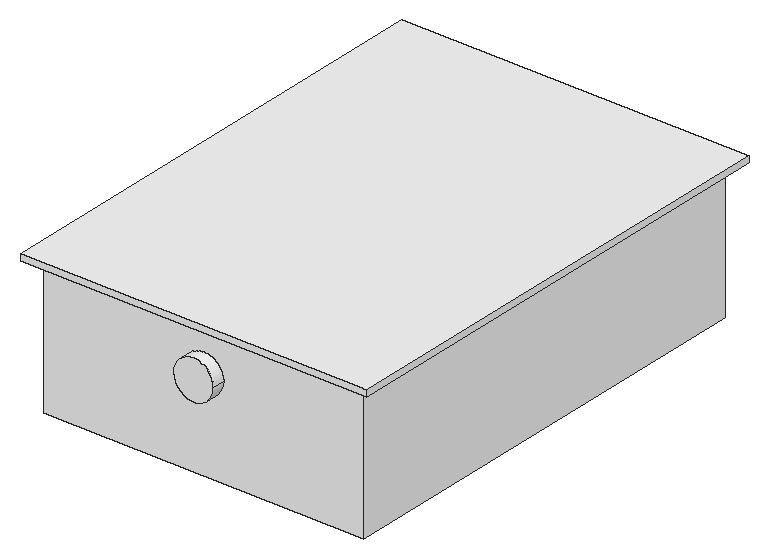
Revit family "Plumbing Fixture-Grease_Interseptor_Mifab_MI-G-L-SDH", category Plumbing Fixtures, host Face, Revit 2013
Parameters (values of type "MI-G-L-SDH-20")
  Water Capacity = "20.13 Gallons"
  WFU = 0
  URL = "www.mifab.com"
  Standard Inlet And Outlet Radii = F / 2  # 1.500"
  Model = "MI-G-L-SDH"
  Manufacturer = "MIFAB"
  Grease Capacity = "40 lbs"
  Flow Rate = "20 GPM"
  Floor Drain Material = Paint - Sherwin Williams Paint - #952C2A - Bellwood Red
  F = 3.000"
  E = 11.000"
  Description = "Semi-Automatic Grease Interceptors with Draw Off Hose"
  Default Elevation = 0.000"
  D = 7.000"
  C = 4.000"
  B = 26.500"
  Assembly Code = "D2090300"
  A = 36.500"
Types (4): name | Water Capacity | URL | Model | Grease Capacity | Flow Rate | B | A
  (no name) | "20.13 Gallons" | "www.mifab.com" | "MI-G-L-SDH" | "40 lbs" | "20 GPM" | 26.500" | 36.500"
  MI-G-L-SDH-20 | "20.13 Gallons" | "www.mifab.com" | "MI-G-L-SDH" | "40 lbs" | "20 GPM" | 26.500" | 36.500"
  MI-G-L-SDH-35 | "28.84 Gallons" | "WWW.MIFAB.COM" | "MI-G-L-SDH-35" | "70 lbs" | "35 GPM" | 30.500" | 44.500"
  MI-G-L-SDH-50 | "33.77 Gallons" | "WWW.MIFAB.COM" | "MI-G-L-SDH-50" | "100 lbs" | "50 GPM" | 32.500" | 48.500"
Reference planes (in)
  plane 1 "Center (Front/Back)": y = 0
  plane 2: z = 0
  plane 3 "Center (Left/Right)": x = 0
  plane 4: x = -13.25
  plane 5: y = -18.25
  plane 6: y = 18.25
  plane 7: x = 13.25
  plane 8: z = -4
  plane 9: z = -11
  plane 10: z = -11
  plane 11: z = -0.1345
  plane 12: z = -10.8655
Forms (in)
  Extrusion 1, solid, material "Paint - Sherwin Williams Paint - #952C2A - Bellwood Red" <- "Floor Drain Material"
    sketch origin (0, 0, 0) x (1, 0, 0) y (0, 1, 0)
      loop
        line (-13.25, 18.25) -> (-13.25, -18.25) -> (13.25, -18.25) -> (13.25, 18.25) -> (-13.25, 18.25)
    from 0 to -0.5
  Extrusion 2, solid, material "Paint - Sherwin Williams Paint - #952C2A - Bellwood Red" <- "Floor Drain Material"
    sketch origin (0, 0, 0) x (1, 0, 0) y (0, 1, 0)
      loop
        line (-12.25, 17.25) -> (-12.25, -17.25) -> (12.25, -17.25) -> (12.25, 17.25) -> (-12.25, 17.25)
    from 0 to -11
  Extrusion 3, solid, material "Paint - Sherwin Williams Paint - #952C2A - Bellwood Red" <- "Floor Drain Material"
    sketch origin (0, 0, 0) x (1, 0, 0) y (0, 0, 1)
      loop
        circle (0, -4) r 1.5
    from -18.25 to 18.25
Cuts and joins
  joined: Extrusion 1, Extrusion 2, Extrusion 3
Lines and regions (in)
  symbolic lines
    curve 1: line (-13.25, 18.25, 0) -> (13.25, 18.25, 0)
    curve 2: line (-13.25, -18.25, 0) -> (-13.25, 18.25, 0)
    curve 3: line (13.25, -18.25, 0) -> (-13.25, -18.25, 0)
    curve 4: line (13.25, 18.25, 0) -> (13.25, -18.25, 0)
Dimensions and locks (in)
  equal spacing: plane 4, plane 3 "Center (Left/Right)", plane 7
  equal spacing: plane 6, plane 1 "Center (Front/Back)", plane 5
  "B": plane 4 to plane 7
  "A": plane 6 to plane 5
  "C": host face to plane 8
  "D": plane 8 to plane 9
  "E": host face to plane 10
  equal spacing: Extrusion 2 sketch curve, plane 3 "Center (Left/Right)", Extrusion 2 sketch curve
  equal spacing: Extrusion 2 sketch curve, plane 1 "Center (Front/Back)", Extrusion 2 sketch curve
  Extrusion 2 sketch curve to plane 6 = 1.000"
  plane 4 to Extrusion 2 sketch curve = 1.000"
  locked: plane 12 to plane 10 at 0.1345
  locked: host face to plane 11 at 0.1345
  "F": diameter of Extrusion 3 sketch curve
  aligned and locked: plane 2 to host face
  aligned and locked: level to host face
  aligned and locked: Extrusion 1 sketch curve to plane 6
  aligned and locked: plane 4 to Extrusion 1 sketch curve
  aligned and locked: plane 5 to Extrusion 1 sketch curve
  aligned and locked: Extrusion 1 sketch curve to plane 7
  aligned and locked: Extrusion 2 to plane 9
  aligned and locked: Extrusion 3 to plane 5
  aligned and locked: plane 6 to Extrusion 3
  aligned and locked: Extrusion 3 to cut or joined group of Extrusion 1, Extrusion 2, Extrusion 3
  aligned and locked: curve 1 to plane 6
  aligned and locked: plane 4 to curve 2
  aligned and locked: plane 5 to curve 3
  aligned and locked: curve 4 to plane 7
Automatic sketch dimensions
  host sketch curve to host sketch curve = 96.000"  (x2)
  Extrusion 3 sketch curve to plane 3 "Center (Left/Right)" = 0.000"
  Extrusion 3 sketch curve to plane 8 = 0.000"
Connectors (in)
  piping at (0, 18.25, -4), driven by "Standard Inlet And Outlet Radii"
    settings: on cut or joined group of Extrusion 1, Extrusion 2, Extrusion 3, index 1, connector radius 1 1/2", flow factor 0, pipe flow 0 GPM, pressure drop 0.00 psi, fitting loss kfactor 0, connector angle 0.00°, fixture units 0, engagement length 0.000", flow configuration 0, flow direction 1, fitting loss method 0, system type 16, joint type 0, gender type 0, connector reference index -1, connector utility 0, adjustable connector no, is connector primary yes, fitting loss table "", connector description "In"
  piping at (0, -18.25, -4), driven by "Standard Inlet And Outlet Radii"
    settings: on cut or joined group of Extrusion 1, Extrusion 2, Extrusion 3, index 2, connector radius 1 1/2", flow factor 0, pipe flow 0 GPM, pressure drop 0.00 psi, fitting loss kfactor 0, connector angle 0.00°, fixture units 0, engagement length 0.000", flow configuration 0, flow direction 2, fitting loss method 0, system type 16, joint type 0, gender type 0, connector reference index -1, connector utility 0, adjustable connector no, is connector primary no, fitting loss table "", connector description "Out"
